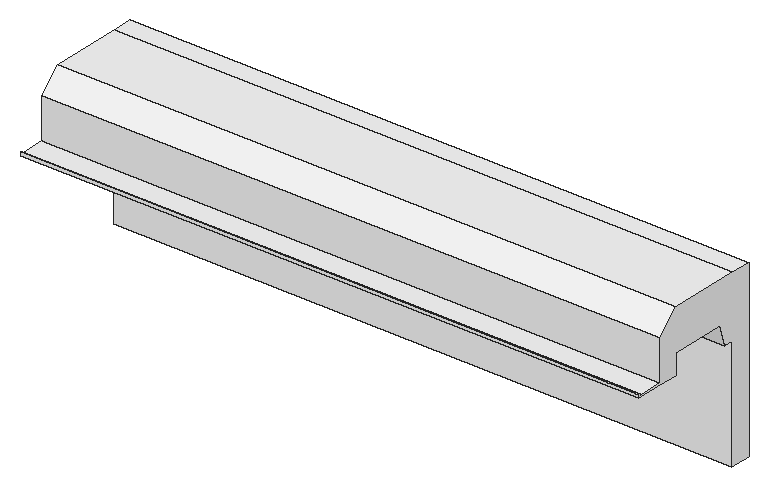
Revit family "20L", category Lighting Fixtures, host Face, Revit 2014
Parameters (values of type "20L-04")
  zz Length 2 = 48"
  Watts = 9 W
  Wattage Comments = "3.5W to 12.6"  # constant formula
  Wattage = 9 W
  Warranty = "Five year warranty"  # constant formula
  built-in parameter 1150110 = 1 (stored number, unit not read)
  Voltage = 120 V
  URL = "https://www.hubbell.com/columbialighting/en/"
  Type Comments = "Lighting Fixture"  # constant formula
  built-in parameter 1114217 = 1 (stored number, unit not read)
  Tilt Angle = 90.00°
  built-in parameter 1150109 = 1 (stored number, unit not read)
  built-in parameter 1150134 = (empty or 0)
  built-in parameter 1150113 = 1 (stored number, unit not read)
  Product Page URL = "https://www.hubbell.com/litecontrol/en/Products/Lighting-Controls/Commercial-Indoor-Lighting/Perimeter-Lighting/WallSlot-2000-LED/p/277719"
  Product Documentation Link = "https://hubbellcdn.com/specsheet/20l.pdf"
  Power Factor = 1
  Photometric Web File = "20L-Cx-35K-D060-04.ies"
  Photometric Notes = "More IES files download in Photometric Web Link"  # constant formula
  Photometric Link = "https://www.hubbell.com/litecontrol/en/Products/Lighting-Controls/Commercial-Indoor-Lighting/Perimeter-Lighting/WallSlot-2000-LED/p/277719"
  Model = "2000LED"  # constant formula
  Manufacturer = "Columbia Lighting"  # constant formula
  built-in parameter 1150105 = 47.985 (stored number, unit not read)
  Lumens = 603 lm
  built-in parameter 1150115 = 1 (stored number, unit not read)
  Load Classification = Lighting
  built-in parameter 1150137 = (empty or 0)
  built-in parameter 1150139 = (empty or 0)
  built-in parameter 1150112 = 1 (stored number, unit not read)
  built-in parameter 1150114 = 1 (stored number, unit not read)
  Lamp = "LED"  # constant formula
  Glass = Hubbell - White Glass
  built-in parameter 1150132 = (empty or 0)
  built-in parameter 1150102 = (empty or 0)
  built-in parameter 1150107 = 3500 (stored number, unit not read)
  built-in parameter 1150138 = (empty or 0)
  built-in parameter 1150106 = 0.47985 (stored number, unit not read)
  Emit from Rectangle Width = zz Length 2 - 2"  # 46"
  Emit from Rectangle Length = 3"  # constant formula
  Create Date = "07/05/2018"  # constant formula
  Copyright = "Copyright © 2018 Columbia Lighting"  # constant formula
  Contact Us = "https://www.hubbell.com/litecontrol/en/contactUs"
  Mounting Type = "Perimeter"  # constant formula
  Emit Shape Visible in Rendering = no
  built-in parameter 1150104 = 6.2245 (stored number, unit not read)
  Dimming Lamp Color Temperature Shift = Incandescent Lamp Curve
  Description = "Wall/Slot® 2000 LED"  # constant formula
  Default Elevation = 48"
  Finish = Hubbell - Arctic White
  Color Filter = 16777215
  built-in parameter 1114218 = 1 (stored number, unit not read)
  built-in parameter 1150133 = 10 (stored number, unit not read)
  Assembly Code = "D5020200"
  Apparent Load = Watts / Power Factor  # 9 VA
Types (6): name | zz Length 2 | Emit from Rectangle Width
  (no name) | 48" | 46"
  20L-04 | 48" | 46"
  20L-02 | 24" | 22"
  20L-03 | 36" | 34"
  20L-06 | 72" | 70"
  20L-08 | 96" | 94"
Reference planes (in)
  plane 1 "Center (Front/Back)": y = 6.16697
  plane 2: z = 0
  plane 3 "Center (Left/Right)": x = 0
  plane 4: z = 0
Lines and regions (in)
  reference lines
    curve 1: line (0, 14.66697, -3.25) -> (0, 17.66697, -0.25)
    curve 2: line (0, -2.33303, -3.25) -> (0, 14.66697, -3.25)
    curve 3: line (0, -5.33303, -0.25) -> (0, -2.33303, -3.25)
    curve 4: line (0, 14.66697, -3.25) -> (0, 17.66697, -0.25)
    curve 5: line (0, -5.33303, -0.25) -> (0, 17.66697, -0.25)
    curve 6: line (0, 17.41697, -0.77432) -> (0, 18.16697, -0.77432)
    curve 7: line (0, 17.41697, -1.52432) -> (0, 17.41697, -0.77432)
    curve 8: line (0, 16.93705, -1.52432) -> (0, 17.41697, -1.52432)
    curve 9: line (0, 15.16697, -4.25) -> (0, 16.93705, -1.52432)
    curve 10: line (0, -4.60311, -1.52432) -> (0, -2.83303, -4.25)
    curve 11: line (0, -5.08303, -1.52432) -> (0, -4.60311, -1.52432)
    curve 12: line (0, -5.08303, -0.77432) -> (0, -5.08303, -1.52432)
    curve 13: line (0, -5.83303, -0.77432) -> (0, -5.08303, -0.77432)
Dimensions and locks (in)
  aligned and locked: plane 2 to host face
  aligned and locked: level to host face
  aligned and locked: nested 1 to plane 4
  aligned and locked: plane 3 "Center (Left/Right)" to nested 1
  aligned and locked: imposter light to nested 1
Nested families (in)
  nested 1: "20L Light" at (-0.01104, 6.16697, 6.71001) x (1, 0, 0) z (0, -1, 0), Glass <- "Glass", Backbox <- "Finish", Length <- "zz Length 2", type "20L Light"
    with Length 48", Glass Hubbell - White Glass, Backbox Hubbell - Arctic White
Connectors (in)
  electrical at (0, 6.16697, 6.75), driven by "Load Classification", driven by "Voltage", driven by "Apparent Load", driven by "Power Factor"
    settings: on nested 1, index 1, voltage 120 V, apparent load 9 VA, apparent load phase1 0 VA, apparent load phase2 0 VA, apparent load phase3 0 VA, power factor 1, load classification "Lighting", number of poles 1, system type 30, power factor state 1, is connector primary yes, connector utility no, sub classification motor no, connector description "Electrical Connector"
Definition of nested family "20L Light"
  Parameters (values of type "LEPC2-4")
    Wattage Comments = ""
    URL = ""
    Product Page URL = ""
    Product Documentation Link = ""
    Model = ""
    Manufacturer = ""
    Length [instance] = 96"
    Lamp = ""
    Glass [instance] = none
    Description = ""
    Default Elevation = 48"
    Backbox [instance] = none
    Apparent Load = 0 VA
  Reference planes (in)
    plane 1 "Center (Front/Back)": y = 0.03999
    plane 2: z = 0
    plane 3 "Center (Left/Right)": x = 0.01104
    plane 4: x = 48.01104
    plane 5: x = -47.98896
    plane 6: x = -48.48896
    plane 7: x = 48.51104
    plane 8: y = -6.71001
    plane 9: y = 6.78999
    plane 10: y = 2.03999
    plane 11: y = 5.28999
    plane 12: x = 47.51104
    plane 13: x = -47.48896
    plane 14: z = 1.56357
    plane 15: z = 10.56357
  Forms (in)
    Extrusion 1, solid
      sketch origin (0, 0, 0.06357) x (1, 0, 0) y (0, 1, 0)
        loop
          line (-48, 48) -> (-48, -48) -> (48, -48) -> (48, 48) -> (-48, 48)
      from -0.06357 to -12
    Extrusion 2, solid, material <- "Backbox"
      sketch origin (0.01104, -6, 10.5) x (0, 1, 0) y (0, 0, 1)
        loop
          line (-0.71001, -10.5) -> (12.78999, -10.5) -> (12.78999, -9) -> (12.78999, -3.43643) -> (11.28999, -1.93643) -> (8.16499, -1.93643) -> (8.16499, 0.06357) -> (8.28999, 0.06357) -> (8.28999, 0.16357) -> (8.03999, 0.16357) -> (8.03999, -1.93643) -> (8.03999, -3.43643) -> (9.61814, -3.43643) -> (9.61814, -7.76357) -> (8.03999, -8.18643) -> (8.03999, -8.93643) -> (-0.71001, -8.93643) -> (-0.71001, -10.5)
      from -48 to 48
    Extrusion 3, void
      sketch origin (0.01104, 3.61814, 9.06357) x (0, 0, 1) y (1, 0, 0)
        loop
          line (-6.32714, -47.5) -> (-2, -47.5) -> (-2, 47.5) -> (-6.32714, 47.5) -> (-6.32714, -47.5)
      from 0 to 1.25
    Extrusion 4, solid, material <- "Glass"
      sketch origin (0.01104, 3.61814, 9.06357) x (0, 0, -1) y (1, 0, 0)
        loop
          line (6.32714, -47.5) -> (6.32714, 47.5) -> (2, 47.5) -> (2, -47.5) -> (6.32714, -47.5)
      from 0 to -0.25
  Cuts and joins
    Extrusion 3 cuts Extrusion 2
  Dimensions and locks (in)
    "Length": plane 5 to plane 4
    equal spacing: plane 5, plane 3 "Center (Left/Right)", plane 4
    locked: plane 6 to plane 5 at 0.5
    locked: plane 7 to plane 4 at 0.5
    equal spacing: plane 9, plane 1 "Center (Front/Back)", plane 8
    locked: plane 5 to plane 13 at 0.5
    locked: plane 4 to plane 12 at 0.5
    plane 14 to plane 2 = 1.56357"
    locked: plane 15 to plane 14 at 9
    locked: plane 9 to plane 8 at 13.5
    aligned and locked: plane 2 to Extrusion 1
    aligned and locked: plane 4 to Extrusion 2
    aligned and locked: cut or joined group of Extrusion 2, Extrusion 3 to plane 5
    aligned and locked: Extrusion 2 sketch curve to plane 9
    aligned and locked: plane 9 to Extrusion 2 sketch curve
    aligned and locked: Extrusion 3 sketch curve to plane 13
    aligned and locked: plane 12 to Extrusion 3 sketch curve
    aligned and locked: cut or joined group of Extrusion 2, Extrusion 3 to Extrusion 3 sketch curve
    aligned and locked: Extrusion 4 sketch curve to cut or joined group of Extrusion 2, Extrusion 3  (x2)
    aligned and locked: cut or joined group of Extrusion 2, Extrusion 3 to Extrusion 4 sketch curve
    aligned and locked: plane 14 to cut or joined group of Extrusion 2, Extrusion 3
    aligned and locked: cut or joined group of Extrusion 2, Extrusion 3 to plane 15
  Automatic sketch dimensions
    Extrusion 1 sketch curve to Extrusion 1 sketch curve = 96"  (x2)
    Extrusion 2 sketch curve to plane 8 = 0"
    Extrusion 2 sketch curve to plane 10 = 0"  (x2)
    level to Extrusion 2 sketch curve = 10.56357"
    Extrusion 2 sketch curve to plane 11 = 0"
    Extrusion 2 sketch curve to plane 10 = 1/8"
    Extrusion 2 sketch curve to Extrusion 2 sketch curve = 1/8"
    Extrusion 2 sketch curve to plane 10 = 1.57815"
    Extrusion 2 sketch curve to Extrusion 2 sketch curve = 3/4"
    Extrusion 2 sketch curve to Extrusion 2 sketch curve = 0.1"
    Extrusion 3 sketch curve to Extrusion 2 = 0"
    Extrusion 2 to Extrusion 4 sketch curve = 1/2"
    Extrusion 2 sketch curve to Extrusion 2 sketch curve = 0.42286"
    Extrusion 2 sketch curve to level = 0"
    Extrusion 2 sketch curve to Extrusion 2 sketch curve = 0"
    level to Extrusion 2 sketch curve = 1.56357"
    level to Extrusion 2 sketch curve = 1 1/2"
    Extrusion 2 sketch curve to Extrusion 2 sketch curve = 1 1/2"  (x2)
    Extrusion 2 sketch curve to Extrusion 2 sketch curve = 3 1/2"
